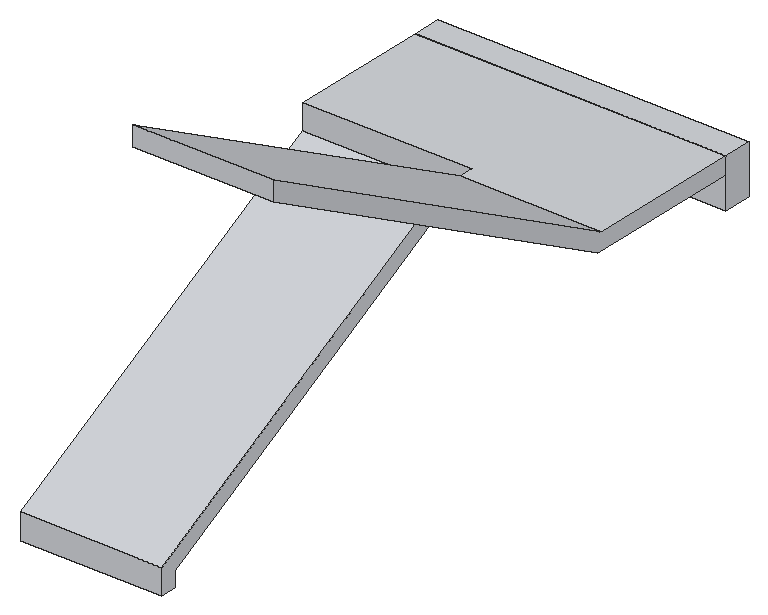
Revit family "BS_ThangBTCT_2 Vế", category Structural Framing, Revit 2019
Family settings
  Structural Framing Length Roundoff = 0 mm
  Section Shape = Not Defined
  Material for Model Behavior = Other
  Always export as geometry = No
  Work Plane-Based = No
  Always vertical = No
  Cut with Voids When Loaded = No
  Symbolic Representation = From Family
  Shared = No
  Show family pre-cut in plan views = Yes
Parameters
  Ẩn Dầm [instance] = yes
  x1 [instance] = 100 mm
  Rong.Thang_R2 [instance] = 1000 mm
  Rong.Thang_R1 [instance] = 1000 mm
  Khe hở Thang [instance] = 200 mm
  Description = "0914922502"
  Dai.Thang_L2 [instance] = 2900 mm
  Dai.Thang_L1 [instance] = 2500 mm
  Dai.Thang_ChieuNghi [instance] = 1000 mm
  BS_Đơn vị tư vấn = "BIM SPEED"
  VatLieu_Thang [instance] = none
  VatLieu_Dam [instance] = none
  Tổng Chiều Cao [instance] = ChieuNghi_H1 + ChieuNghi_H2  # 3100 mm
  Off_ChanThang [instance] = 180 mm
  BS_Người Tạo = "Hoàng Tới"
  Dầm_H [instance] = 350 mm
  Dầm_B [instance] = 200 mm
  ChieuNghi_H2 [instance] = 1600 mm
  ChieuNghi_H1 [instance] = 1500 mm
  BanThang_Dày [instance] = 120 mm
  BacThang_Cao [instance] = 175 mm
  Am [instance] = Dầm_B * (-1)  # -200 mm
Reference planes
  plane 1 "Center (Front/Back)": y = 0
  plane 2: z = 0
  plane 3 "Center (Left/Right)": x = 0
  plane 4 "CN2": z = 3100
  plane 5 "CN1": z = 1500
  plane 6: x = 1000
  plane 7: y = 2500
  plane 8: y = 3500
  plane 9: x = 1200
  plane 10: x = 2200
  plane 11 "CN4": z = 1325
  plane 12 "CN5": z = 1380
  plane 13: y = -500
  plane 14: y = 2400
Forms (mm)
  Extrusion 1, solid, material <- "VatLieu_Thang"
    sketch origin (0, 0, 0) x (0, 1, 0) y (0, 0, 1)
      loop
        line (0, 0) -> (0, -180) -> (120, -180) -> (120, -72.212) -> (2860.023, 1380) -> (3500, 1380) -> (3500, 1500) -> (2500, 1500) -> (2500, 1325) -> (0, 0)
    from 0 to 1000
  Extrusion 2, solid, material <- "VatLieu_Thang"
    sketch origin (2200, 13578.109, 1200) x (0, 1, 0) y (0, 0, 1)
      loop
        line (-10078.109, 300) -> (-11178.109, 300) -> (-14078.109, 1900) -> (-14078.109, 1762.948) -> (-11209.016, 180) -> (-10078.109, 180) -> (-10078.109, 300)
    from 0 to -1000
  Extrusion 3, solid, material <- "VatLieu_Thang"
    sketch origin (10952.917, 3500, 1200) x (1, 0, 0) y (0, 0, 1)
      loop
        line (-9952.917, 300) -> (-9952.917, 180) -> (-9752.917, 180) -> (-9752.917, 300) -> (-9952.917, 300)
    from 0 to 1000
  Extrusion 4, solid, material <- "VatLieu_Dam", visible <- "Ẩn Dầm"
    sketch origin (10952.917, 3500, 1200) x (1, 0, 0) y (0, 0, 1)
      loop
        line (-10952.917, 300) -> (-10952.917, -50) -> (-8752.917, -50) -> (-8752.917, 300) -> (-10952.917, 300)
    from 0 to -200 <- "Am"
Cuts and joins
  joined: Extrusion 1, Extrusion 2, Extrusion 3
Dimensions and locks
  "ChieuNghi_H1": plane 2 to plane 5 "CN1"
  "ChieuNghi_H2": plane 5 "CN1" to plane 4 "CN2"
  "Rong.Thang_R1": plane 3 "Center (Left/Right)" to plane 6
  "Rong.Thang_R2": plane 9 to plane 10
  "Dai.Thang_L1": plane 1 "Center (Front/Back)" to plane 7
  "Dai.Thang_ChieuNghi": plane 7 to plane 8
  "BacThang_Cao": plane 5 "CN1" to plane 11 "CN4"
  "BanThang_Dày": plane 5 "CN1" to plane 12 "CN5"
  "BanThang_Dày": Extrusion 1 sketch curve to Extrusion 1 sketch curve
  "ChieuNghi_H1": plane 5 "CN1" to plane 2
  plane 5 "CN1" to plane 11 "CN4" = 175 mm
  plane 5 "CN1" to plane 12 "CN5" = 120 mm
  "BanThang_Dày": Extrusion 1 sketch curve to plane 1 "Center (Front/Back)"
  "Off_ChanThang": Extrusion 1 sketch curve to plane 2
  "Khe hở Thang": plane 6 to plane 9
  "Dầm_H": Extrusion 4 sketch curve to Extrusion 4 sketch curve
  "Dai.Thang_L2": plane 13 to plane 14
  "x1": plane 7 to plane 14
  "BanThang_Dày": Extrusion 2 sketch curve to Extrusion 2 sketch curve
  aligned and locked: level to plane 2
  aligned and locked: plane 5 "CN1" to Extrusion 1 sketch curve
  aligned and locked: Extrusion 1 sketch curve to plane 7
  aligned and locked: Extrusion 1 sketch curve to plane 8
  aligned and locked: plane 7 to Extrusion 1 sketch curve
  aligned and locked: plane 11 "CN4" to Extrusion 1 sketch curve
  aligned and locked: Extrusion 1 sketch curve to plane 12 "CN5"
  aligned and locked: plane 1 "Center (Front/Back)" to Extrusion 1 sketch curve
  aligned and locked: plane 2 to Extrusion 1 sketch curve
  aligned and locked: Extrusion 1 to plane 3 "Center (Left/Right)"
  aligned and locked: plane 6 to Extrusion 1
  aligned and locked: Extrusion 2 to plane 9  (x2)
  aligned and locked: plane 10 to Extrusion 2  (x2)
  aligned and locked: plane 5 "CN1" to Extrusion 2 sketch curve
  aligned and locked: Extrusion 2 sketch curve to plane 8
  aligned and locked: Extrusion 2 sketch curve to plane 12 "CN5"
  aligned and locked: plane 4 "CN2" to Extrusion 2 sketch curve
  aligned and locked: Extrusion 3 sketch curve to cut or joined group of Extrusion 1, Extrusion 2, Extrusion 3  (x2)
  aligned and locked: plane 7 to Extrusion 3
  aligned and locked: Extrusion 3 to plane 8
  aligned and locked: Extrusion 4 sketch curve to cut or joined group of Extrusion 1, Extrusion 2, Extrusion 3  (x2)
  aligned and locked: Extrusion 4 sketch curve to plane 10
  aligned and locked: plane 9 to Extrusion 3 sketch curve
  aligned and locked: Extrusion 3 sketch curve to plane 6
  aligned and locked: Extrusion 2 sketch curve to plane 13
  aligned and locked: plane 14 to Extrusion 2 sketch curve
